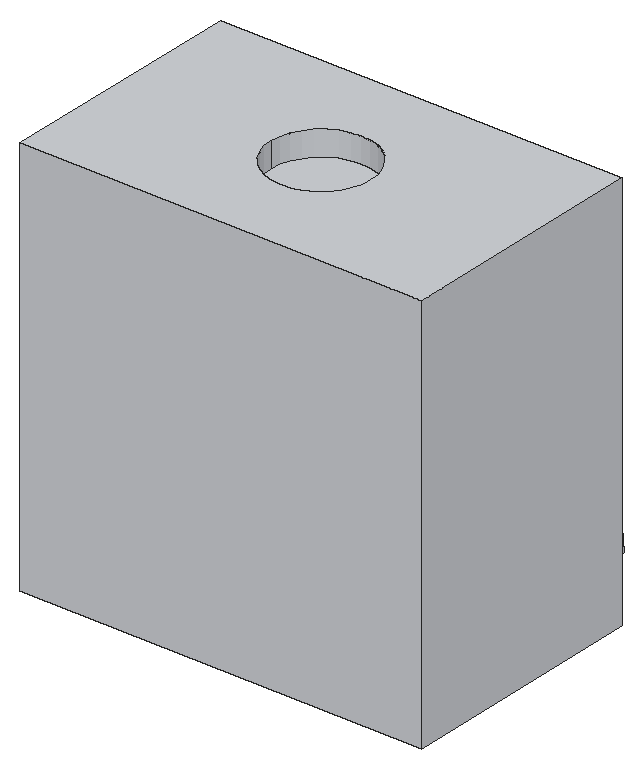
Revit family "LS_Schalter_V1700", category Lichtschalter, Revit 2017
Family settings
  Beschriftungsausrichtung beibehalten = Nein
  Bemaßung runder Anschluss = Durchmesser verwenden
  Teiletyp = Schalter
  OmniClass-Nummer = 23.85.80.11.27
  OmniClass-Titel = Lighting Controls
  Arbeitsebenenbasiert = Nein
  Immer vertikal = Ja
  Beim Laden mit Abzugskörper schneiden = Nein
  Gemeinsam genutzt = Nein
  Raumberechnungspunkt = Nein
Parameters (values of type "Schluesselschalter")
  pbr_Material_KZ = ""
  pbr_Material = none
  pbr_E_Typ = ""
  pbr_E_KZ = ""
  pbr_DINBild = 0
  pbr_Bild = 0
  pbr_3Dx_Delta_Korrekturversatz [instance] = 0 mm
  pbr_3DX_Versatzfaktor [instance] = 0
  pbr_2DY_Versatzfaktor [instance] = 0
  pbr_2DX_Versatzfaktor [instance] = 0
  lfd_STRK [instance] = 0
  cpiFitMatchKey [instance] = "E-LS-AS-1"
  Zentrale [instance] = ""
  Typ [instance] = ""
  Text3 [instance] = ""
  Text2 [instance] = ""
  Text1 [instance] = ""
  Schlüsselschalter = yes
  Schaltgruppe2 [instance] = 0
  Schaltgruppe1 [instance] = 0
  Schalter mit Zugschnur = no
  Reparaturschalter 5pol = no
  Planungsbüro Rohling = "www.pbr.de"
  Netzart = ""
  Menge(Dosenzahl) [instance] = 0
  Linie/Anschluss [instance] = ""
  Leerrohrtiefe = 5 mm
  Lastklassifizierung = none
  Installationsart [instance] = ""
  Info [instance] = ""
  IFC = ""
  Heizungsnotschalter = no
  Gewerk [instance] = "Schalt"
  Eckversatz [instance] = 0 mm
  YFrontversatz [instance] = if(pbr_2DY_Versatzfaktor = 300, 0 mm, pbr_2DY_Versatzfaktor * 300 mm)  # 0 mm
  XSeitenversatz [instance] = if(pbr_2DX_Versatzfaktor = 0, 3000 mm, 3000 mm + (pbr_2DX_Versatzfaktor * 300 mm)) + Eckversatz  # 3000 mm
  X3Dversatz [instance] = 2000 mm
  R_Leerrohranschluss = 10 mm
  Niveau [instance] = 1100 mm
  Dosentiefe = 70 mm  # constant formula
  Dosenradius = 65 mm / 2  # 32.5 mm
  D_Leerrohranschluss = 2 * R_Leerrohranschluss  # 20 mm
  Breite = 80 mm
  Boxtiefe = 50 mm
  3DX_Versatzkontrolle [instance] = if(pbr_3DX_Versatzfaktor = 0, (pbr_2DX_Versatzfaktor * -1), (((-1 * pbr_3DX_Versatzfaktor) + pbr_2DX_Versatzfaktor) * -1))  # 0
  3DX_Versatz [instance] = if([3DX_Versatzkontrolle] = 0, 2000 mm, 2000 mm + ([3DX_Versatzkontrolle] * (300 mm - Breite))) + pbr_3Dx_Delta_Korrekturversatz  # 2000 mm
Types (4, lengths in mm): name | Schlüsselschalter | Schalter mit Zugschnur | Reparaturschalter 5pol | Heizungsnotschalter
  Heizungsnotschalter | no | no | no | yes
  Reparaturschalter_5polig | no | no | yes | no
  Schalter_Zugschnur | no | yes | no | no
  Schluesselschalter | yes | no | no | no
Reference planes
  plane 1 "Mitte (Vorne/Hinten)": y = 0
  plane 2: z = 0
  plane 3 "Mitte (Links/Rechts)": x = 0
  plane 4: x = -125
  plane 5: x = 125
  plane 6: x = -40
  plane 7: x = 40
  plane 8: z = 1140
  plane 9: z = 1060
  plane 10 "SchalterVorne": y = 50
  plane 11 "3DSchalterMitte": x = 0
  plane 12: z = 1100
  plane 13 "Schalterkurz": y = 52.47
  plane 14 "Schalterlang": y = 59.712
  plane 15: x = -32.5
  plane 16: x = 32.5
  plane 17 "MitteBox": y = 25
  plane 18: z = 1135
  plane 19: z = 1065
  plane 20: x = -3000
  plane 21: x = 0
  plane 22: y = 50
Forms (mm)
  Extrusion 1, solid
    sketch origin (0, 20, 0) x (0, 0, 1) y (-1, 0, 0)
      loop
        line (1060, 40) -> (1060, -40) -> (1140, -40) -> (1140, 40) -> (1060, 40)
    from -30 to 20
  Sweep 2, solid
    path origin (0, 59.712, 0) x (-1, 0, 0) y (0, 0, 1)
      loop
        line (32.5, 1100) -> (-32.5, 1100)
    profile origin (0, 59.712, 1100) x (0, 0, -1) y (0, 1, 0)
      loop
        line (-35, -9.712) -> (33.898, -9.712) -> (33.898, 0) -> (-35, -7.241) -> (-35, -9.712)
  Sweep 3, void
    path origin (-111.336, 25, 1200) x (-1, 0, 0) y (0, 0, 1)
      loop
        line (-111.336, -135) -> (-111.336, -140)
    profile origin (0, 25, 1062.5) x (0, 1, 0) y (-1, 0, 0)
      loop
        circle (0, 0) r 10
  Sweep 4, void
    path origin (-111.336, 25, 1200) x (-1, 0, 0) y (0, 0, 1)
      loop
        line (-111.336, -65) -> (-111.336, -60)
    profile origin (0, 25, 1137.5) x (1, 0, 0) y (0, 1, 0)
      loop
        circle (0, 0) r 10
Cuts and joins
  Sweep 3, Sweep 4 cuts Extrusion 1
  joined: Extrusion 1, Sweep 2
Dimensions and locks
  plane 4 to plane 5 = 250 mm
  plane 7 to plane 6 = 80 mm
  plane 8 to plane 9 = 80 mm
  equal spacing: plane 7, plane 11 "3DSchalterMitte", plane 6
  equal spacing: plane 8, plane 12, plane 9
  "Niveau": plane 12 to level
  plane 10 "SchalterVorne" to plane 1 "Mitte (Vorne/Hinten)" = 50 mm
  "Boxtiefe": plane 1 "Mitte (Vorne/Hinten)" to plane 10 "SchalterVorne"
  plane 1 "Mitte (Vorne/Hinten)" to plane 10 "SchalterVorne" to plane 13 "Schalterkurz" to plane 14 "Schalterlang" = 50 mm, 2.47 mm locked, 7.241 mm locked
  locked: plane 6 to plane 15 at 7.5
  locked: plane 16 to plane 7 at 7.5
  equal spacing: plane 1 "Mitte (Vorne/Hinten)", plane 17 "MitteBox", plane 10 "SchalterVorne"
  "Leerrohrtiefe": plane 18 to plane 8
  "Leerrohrtiefe": plane 19 to plane 9
  "Breite": plane 7 to plane 6
  locked: plane 20 to plane 11 "3DSchalterMitte" at 3000
  "XSeitenversatz": plane 20 to plane 21
  "YFrontversatz": plane 10 "SchalterVorne" to plane 22
  "R_Leerrohranschluss": radius of Sweep 3 sketch curve
  "R_Leerrohranschluss": radius of Sweep 4 sketch curve
  aligned and locked: level to plane 2
  aligned and locked: plane 9 to Extrusion 1 sketch curve
  aligned and locked: Extrusion 1 sketch curve to plane 6
  aligned and locked: Extrusion 1 sketch curve to plane 8
  aligned and locked: plane 7 to Extrusion 1 sketch curve
  aligned and locked: plane 1 "Mitte (Vorne/Hinten)" to Extrusion 1
  aligned and locked: Extrusion 1 to plane 10 "SchalterVorne"
  aligned and locked: plane 21 to nested 3
  aligned and locked: nested 3 to plane 22
  aligned and locked: nested 4 to nested 3  (x2)
  aligned and locked: nested 2 to nested 3
  aligned and locked: nested 3 to nested 2
  aligned and locked: nested 1 to nested 2  (x2)
Automatic sketch dimensions
  Sweep 2 sketch curve to plane 12 = 0 mm
  plane 16 to Sweep 2 sketch curve = 0 mm
  plane 15 to Sweep 2 sketch curve = 0 mm
  Sweep 2 sketch curve to plane 14 "Schalterlang" = 0 mm
  Sweep 2 sketch curve to plane 14 "Schalterlang" = 7.241 mm
  profile plane to Sweep 2 sketch curve = 35 mm
  Sweep 2 sketch curve to profile plane = 33.898 mm
  Sweep 2 sketch curve to Sweep 2 sketch curve = 9.712 mm
  Sweep 3 sketch curve to plane 9 = 0 mm
  Sweep 3 sketch curve to plane 11 "3DSchalterMitte" = 0 mm
  Sweep 3 sketch curve to plane 19 = 0 mm
  Sweep 3 sketch curve to plane 17 "MitteBox" = 0 mm
  Sweep 3 sketch curve to profile plane = 0 mm
  Sweep 4 sketch curve to plane 8 = 0 mm
  Sweep 4 sketch curve to plane 11 "3DSchalterMitte" = 0 mm
  Sweep 4 sketch curve to plane 18 = 0 mm
  Sweep 4 sketch curve to plane 17 "MitteBox" = 0 mm
  Sweep 4 sketch curve to profile plane = 0 mm
Nested families
  nested 1: "Heizungsnotschalter" at (0, 50, 0), visible <- "Heizungsnotschalter", type "Heizungsnotschalter"
  nested 2: "Reperaturschalter 5pol" at (0, 50, 0), visible <- "Reparaturschalter 5pol", type "Reperaturschalter 5pol"
  nested 3: "Schalter mit Zugschnur" at (0, 50, 0), visible <- "Schalter mit Zugschnur", type "Schalter mit Zugschnur"
  nested 4: "Schlüsselschalter" at (0, 50, 0), visible <- "Schlüsselschalter", type "Schlüsselschalter"
Connectors
  electrical at (0, 25, 1140)
    settings: on cut or joined group of Extrusion 1, Sweep 2, Sweep 3, Sweep 4, index 1, voltage 230 V, apparent load 0 VA, apparent load phase1 0 VA, apparent load phase2 0 VA, apparent load phase3 0 VA, power factor 1, load classification "Standard", number of poles 1, system type 13, power factor state 1, is connector primary yes, connector utility no, sub classification motor no, connector description ""
  cabletrayconduit at (0, 25, 1135), diameter 20, driven by "D_Leerrohranschluss"
    settings: on cut or joined group of Extrusion 1, Sweep 2, Sweep 3, Sweep 4, index 2, connector width 300 mm, connector height 300 mm, connector angle 0.00°, system type 32, placement type 0, profile type 0, connector reference index -1, is primary connector yes, connector utility param no, connector description ""
  cabletrayconduit at (0, 25, 1065), diameter 20, driven by "D_Leerrohranschluss"
    settings: on cut or joined group of Extrusion 1, Sweep 2, Sweep 3, Sweep 4, index 3, connector width 300 mm, connector height 300 mm, connector angle 0.00°, system type 32, placement type 0, profile type 0, connector reference index -1, is primary connector no, connector utility param no, connector description ""
Definition of nested family "Heizungsnotschalter"
  Parameters (values of type "Heizungsnotschalter")
    H = yes
  Reference planes
    plane 1 "Mitte (Vorne/Hinten)": y = 0
    plane 2: z = 0
    plane 3 "Mitte (Links/Rechts)": x = 0
  Lines and regions (mm)
    Filled region 1, type "Beton", in view "Referenzebene", visible <- "H"
      outline origin (573.586, -549.654, 0) x (1, 0, 0) y (0, 1, 0)
        loop
          line (-711.773, 682.964) -> (-688.411, 682.964) -> (-688.411, 766.717) -> (-596.098, 766.717) -> (-596.098, 682.964) -> (-572.694, 682.964) -> (-572.694, 860.349) -> (-596.151, 860.349) -> (-596.151, 787.577) -> (-688.411, 787.577) -> (-688.411, 860.349) -> (-711.773, 860.349) -> (-711.773, 682.964)
    detail lines, in view "Referenzebene"
      curve 1: circle (0.156, 66.377, 0) r 66.5 normal (0, 0, 1)
      curve 2: line (15.037, 131.19, 0) -> (96.041, 299.877, 0)
      curve 3: line (96.041, 299.877, 0) -> (150.156, 268.31, 0)
      curve 4: line (-46.867, 113.399, 0) -> (47.178, 19.354, 0)
      curve 5: line (-46.867, 19.354, 0) -> (47.178, 113.399, 0)
Definition of nested family "Reperaturschalter 5pol"
  Reference planes
    plane 1 "Mitte (Vorne/Hinten)": y = 0
    plane 2: z = 0
    plane 3 "Mitte (Links/Rechts)": x = 0
  Lines and regions (mm)
    detail lines, in view "Referenzebene"
      curve 1: circle (-0.174, 66.423, 0) r 66.5 normal (0, 0, 1)
      curve 2: line (14.707, 131.237, 0) -> (95.712, 299.923, 0)
      curve 3: line (95.712, 299.923, 0) -> (149.826, 268.356, 0)
      curve 4: line (19.43, 212.97, 0) -> (73.545, 181.403, 0)
      curve 5: line (2.786, 178.309, 0) -> (56.9, 146.742, 0)
      curve 6: line (38.741, 246.075, 0) -> (92.856, 214.508, 0)
      curve 7: line (54.947, 280.991, 0) -> (109.062, 249.424, 0)
Definition of nested family "Schalter mit Zugschnur"
  Reference planes
    plane 1 "Mitte (Vorne/Hinten)": y = 0
    plane 2: z = 0
    plane 3 "Mitte (Links/Rechts)": x = 0
  Lines and regions (mm)
    Filled region 1, type "Beton", in view "Referenzebene"
      outline origin (-67.304, -0.052, 0) x (1, 0, 0) y (0, 1, 0)
        loop
          line (174.075, 226.444) -> (150.696, 226.444) -> (162.385, 191.984) -> (174.075, 226.444)
    detail lines, in view "Referenzebene"
      curve 1: circle (-0.804, 66.448, 0) r 66.5 normal (0, 0, 1)
      curve 2: line (14.077, 131.261, 0) -> (95.081, 299.948, 0)
      curve 3: line (95.081, 299.948, 0) -> (149.196, 268.381, 0)
      curve 4: line (95.081, 191.932, 0) -> (95.081, 299.948, 0)
Definition of nested family "Schlüsselschalter"
  Reference planes
    plane 1 "Mitte (Vorne/Hinten)": y = 0
    plane 2: z = 0
    plane 3 "Mitte (Links/Rechts)": x = 0
  Lines and regions (mm)
    detail lines, in view "Referenzebene"
      curve 1: circle (1.093, 65.802, 0) r 66.5 normal (0, 0, 1)
      curve 2: arc (-181.512, 101.553, 0) -> (-203.862, 185.61, 0) -> (-226.212, 101.553, 0) r 45
      curve 3: line (15.974, 130.615, 0) -> (96.979, 299.302, 0)
      curve 4: line (96.979, 299.302, 0) -> (151.093, 267.735, 0)
      curve 5: line (-226.212, 101.553, 0) -> (-271.362, 5.61, 0)
      curve 6: line (-271.362, 5.61, 0) -> (-136.362, 5.61, 0)
      curve 7: line (-136.362, 5.61, 0) -> (-181.512, 101.553, 0)
      curve 8: line (-73.907, 74.187, 0) -> (-166.217, 74.187, 0)
